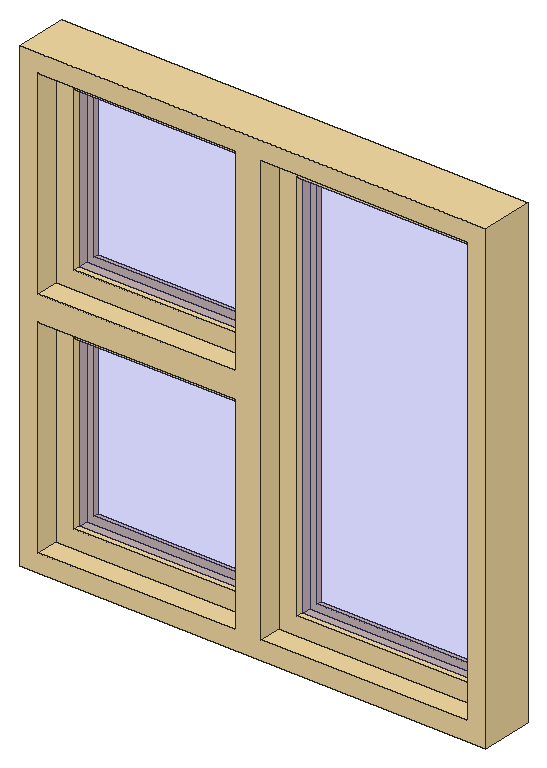
Revit family "4403-COto 62", category Windows, host Wall, Revit 2016
Family settings
  Host = Wall
  OmniClass Number = 23.30.20.00
  OmniClass Title = Windows
  Always vertical = Yes
  Cut with Voids When Loaded = No
  Shared = No
  Room Calculation Point = No
Parameters (values of type "1188x1188mm")
  top 3 [instance] = yes
  top 2 [instance] = yes
  top 1 [instance] = no
  right 2 [instance] = no
  right 1 [instance] = no
  right 3 [instance] = no
  left 3 [instance] = no
  left 2 [instance] = no
  left 1 [instance] = yes
  Sash 3 [instance] = or(top 3, right 3, left 3)  # yes
  Sash 2 [instance] = or(top 2, right 2, left 2)  # yes
  Sash 1 [instance] = or(top 1, right 1, left 1)  # yes
  Rough Width = Width + 2 * Joint  # 1212 mm
  Rough Height = Height + 2 * Joint  # 1212 mm
  Offset from wall = 40 mm
  Mullion 1 Placement = 594 mm
  Mullion 2 Placement = 594 mm
  Manufacturer = "www.kronevinduer.dk"
  Joint = 12 mm
  Height = 1188 mm
  Frame 176mm [instance] = no
  Frame 157mm [instance] = no
  Default Sill Height = 800 mm
  Wall Closure = By host
  Width = 1188 mm
Reference planes
  plane 1 "Center (Front/Back)": y = 0
  plane 2 "Center (Left/Right)": x = 0
  plane 3 "Left": x = -594
  plane 4 "Right": x = 594
  plane 5 "Sill": z = 800
  plane 6 "Head": z = 1988
  plane 7 "Exterior": y = 100
  plane 8 "Interior": y = -100
  plane 9: y = 60
  plane 10: x = 582
  plane 11: x = -582
  plane 12: z = 812
  plane 13: z = 1976
  plane 14: x = -12
  plane 15: z = 1406
  plane 16: x = 285
  plane 17: x = -297
  plane 18: z = 1109
  plane 19: z = 1394
  plane 20: z = 1691
Forms (mm)
  Sweep 1, solid, material "Wood frame"
    path origin (0, 100, 0) x (1, 0, 0) y (0, 0, 1)
      loop
        line (582, 812) -> (582, 1976) -> (-582, 1976) -> (-582, 812) -> (582, 812)
    profile "COto 62 træ-alu,karm- fast glas 45mm : COto 62 træ-alu,karm- fast glas 45mm" origin (0, 100, 812) x (0, 0, -1) y (0, -1, 0)
      loop
        line (0, 170) -> (-45, 170) -> (-45, 99) -> (-27, 99) -> (-27, 51) -> (-45, 51) -> (-45, 40) -> (0, 40) -> (0, 170)
  Sweep 2, solid, material "Wood frame"
    path origin (0, 100, 0) x (1, 0, 0) y (0, 0, 1)
      loop
        line (-12, 812) -> (-12, 1976)
    profile "COto 62 træ-alu, Post-fast glas 63 mm : COto 62 træ-alu, Post-fast glas 63 mm" origin (-12, 100, 1394) x (-1, 0, 0) y (0, -1, 0)
      loop
        line (31.5, 170) -> (-31.5, 170) -> (-31.5, 99) -> (-13.5, 99) -> (-13.5, 51) -> (-31.5, 51) -> (-31.5, 40) -> (31.5, 40) -> (31.5, 51) -> (13.5, 51) -> (13.5, 99) -> (31.5, 99) -> (31.5, 170)
  Extrusion 3, solid, material "Glass"
    sketch origin (594, 0, 0) x (0, -1, 0) y (0, 0, 1)
      loop
        line (-1, 839) -> (-1, 1949) -> (-49, 1949) -> (-49, 839) -> (-1, 839)
    from 39 to 592.5
  Sweep 4, solid, material "Wood frame", visible <- "Sash 1"
    path origin (0, 100, 0) x (1, 0, 0) y (0, 0, 1)
      loop
        line (555, 839) -> (555, 1949) -> (1.5, 1949) -> (1.5, 839) -> (555, 839)
    profile "COto 62 træ-alu,opluk-ramme : COto 62 træ-alu,opluk-ramme" origin (278.25, 100, 839) x (0, 0, -1) y (0, -1, 0)
      loop
        line (0, 99) -> (-18, 99) -> (-18, 114) -> (-63, 114) -> (-63, 99) -> (-45, 99) -> (-45, 51) -> (-63, 51) -> (-63, 40) -> (0, 40) -> (0, 99)
  Sweep 5, solid, material "Wood frame", visible <- "Frame 157mm"
    path origin (0, 100, 0) x (1, 0, 0) y (0, 0, 1)
      loop
        line (582, 812) -> (582, 1976) -> (-582, 1976) -> (-582, 812) -> (582, 812)
    profile "COto 62 træ-alu,karm- fast glas 45mm-157 : COto 62 træ-alu,karm- fast glas 45mm-157" origin (0, 100, 812) x (0, 0, -1) y (0, -1, 0)
      loop
        line (0, 197) -> (-45, 197) -> (-45, 99) -> (-27, 99) -> (-27, 51) -> (-45, 51) -> (-45, 40) -> (0, 40) -> (0, 197)
  Sweep 6, solid, material "Wood frame", visible <- "Frame 157mm"
    path origin (0, 100, 0) x (1, 0, 0) y (0, 0, 1)
      loop
        line (-12, 1976) -> (-12, 812)
    profile "COto 62 træ-alu, Post-fast glas 63 mm-157 : COto 62 træ-alu, Post-fast glas 63 mm-157" origin (-12, 100, 1394) x (1, 0, 0) y (0, -1, 0)
      loop
        line (31.5, 197) -> (-31.5, 197) -> (-31.5, 99) -> (-13.5, 99) -> (-13.5, 51) -> (-31.5, 51) -> (-31.5, 40) -> (31.5, 40) -> (31.5, 51) -> (13.5, 51) -> (13.5, 99) -> (31.5, 99) -> (31.5, 197)
  Sweep 7, solid, material "Wood frame", visible <- "Frame 176mm"
    path origin (0, 100, 0) x (1, 0, 0) y (0, 0, 1)
      loop
        line (582, 812) -> (582, 1976) -> (-582, 1976) -> (-582, 812) -> (582, 812)
    profile "COto 62 træ-alu,karm- fast glas 45mm-176 : COto 62 træ-alu,karm- fast glas 45mm-176" origin (0, 100, 812) x (0, 0, -1) y (0, -1, 0)
      loop
        line (0, 216) -> (-45, 216) -> (-45, 99) -> (-27, 99) -> (-27, 51) -> (-45, 51) -> (-45, 40) -> (0, 40) -> (0, 216)
  Sweep 8, solid, material "Wood frame", visible <- "Frame 176mm"
    path origin (0, 100, 0) x (1, 0, 0) y (0, 0, 1)
      loop
        line (-12, 1976) -> (-12, 812)
    profile "COto 62 træ-alu, Post-fast glas 63 mm-176 : COto 62 træ-alu, Post-fast glas 63 mm-176" origin (-12, 100, 1394) x (1, 0, 0) y (0, -1, 0)
      loop
        line (31.5, 216) -> (-31.5, 216) -> (-31.5, 99) -> (-13.5, 99) -> (-13.5, 51) -> (-31.5, 51) -> (-31.5, 40) -> (31.5, 40) -> (31.5, 51) -> (13.5, 51) -> (13.5, 99) -> (31.5, 99) -> (31.5, 216)
  Sweep 9, solid, material "Wood frame"
    path origin (0, 100, 0) x (1, 0, 0) y (0, 0, 1)
      loop
        line (-12, 1406) -> (-582, 1406)
    profile "COto 62 træ-alu, Post-fast glas 63 mm : COto 62 træ-alu, Post-fast glas 63 mm" origin (-297, 100, 1406) x (0, 0, -1) y (0, -1, 0)
      loop
        line (31.5, 170) -> (-31.5, 170) -> (-31.5, 99) -> (-13.5, 99) -> (-13.5, 51) -> (-31.5, 51) -> (-31.5, 40) -> (31.5, 40) -> (31.5, 51) -> (13.5, 51) -> (13.5, 99) -> (31.5, 99) -> (31.5, 170)
  Extrusion 10, solid, material "Glass"
    sketch origin (594, 0, 0) x (0, -1, 0) y (0, 0, 1)
      loop
        line (-1, 839) -> (-1, 1949) -> (-49, 1949) -> (-49, 839) -> (-1, 839)
    from 619.5 to 1149
  Sweep 11, solid, material "Wood frame", visible <- "Frame 157mm"
    path origin (0, 100, 0) x (1, 0, 0) y (0, 0, 1)
      loop
        line (-12, 1406) -> (-582, 1406)
    profile "COto 62 træ-alu, Post-fast glas 63 mm-157 : COto 62 træ-alu, Post-fast glas 63 mm-157" origin (-297, 100, 1406) x (0, 0, -1) y (0, -1, 0)
      loop
        line (31.5, 197) -> (-31.5, 197) -> (-31.5, 99) -> (-13.5, 99) -> (-13.5, 51) -> (-31.5, 51) -> (-31.5, 40) -> (31.5, 40) -> (31.5, 51) -> (13.5, 51) -> (13.5, 99) -> (31.5, 99) -> (31.5, 197)
  Sweep 12, solid, material "Wood frame", visible <- "Frame 176mm"
    path origin (0, 100, 0) x (1, 0, 0) y (0, 0, 1)
      loop
        line (-12, 1406) -> (-582, 1406)
    profile "COto 62 træ-alu, Post-fast glas 63 mm-176 : COto 62 træ-alu, Post-fast glas 63 mm-176" origin (-297, 100, 1406) x (0, 0, -1) y (0, -1, 0)
      loop
        line (31.5, 216) -> (-31.5, 216) -> (-31.5, 99) -> (-13.5, 99) -> (-13.5, 51) -> (-31.5, 51) -> (-31.5, 40) -> (31.5, 40) -> (31.5, 51) -> (13.5, 51) -> (13.5, 99) -> (31.5, 99) -> (31.5, 216)
  Sweep 13, solid, material "Wood frame", visible <- "Sash 2"
    path origin (0, 100, 0) x (1, 0, 0) y (0, 0, 1)
      loop
        line (-25.5, 839) -> (-25.5, 1392.5) -> (-555, 1392.5) -> (-555, 839) -> (-25.5, 839)
    profile "COto 62 træ-alu,opluk-ramme : COto 62 træ-alu,opluk-ramme" origin (-290.25, 100, 839) x (0, 0, -1) y (0, -1, 0)
      loop
        line (0, 99) -> (-18, 99) -> (-18, 114) -> (-63, 114) -> (-63, 99) -> (-45, 99) -> (-45, 51) -> (-63, 51) -> (-63, 40) -> (0, 40) -> (0, 99)
  Sweep 14, solid, material "Wood frame", visible <- "Sash 3"
    path origin (0, 100, 0) x (1, 0, 0) y (0, 0, 1)
      loop
        line (-25.5, 1419.5) -> (-25.5, 1949) -> (-555, 1949) -> (-555, 1419.5) -> (-25.5, 1419.5)
    profile "COto 62 træ-alu,opluk-ramme : COto 62 træ-alu,opluk-ramme" origin (-290.25, 100, 1419.5) x (0, 0, -1) y (0, -1, 0)
      loop
        line (0, 99) -> (-18, 99) -> (-18, 114) -> (-63, 114) -> (-63, 99) -> (-45, 99) -> (-45, 51) -> (-63, 51) -> (-63, 40) -> (0, 40) -> (0, 99)
Cuts and joins
  joined: Sweep 1, Sweep 2, Sweep 9
  joined: Sweep 5, Sweep 6, Sweep 11
  joined: Sweep 7, Sweep 8, Sweep 12
Lines and regions (mm)
  Opening 1
    outline origin (3500, -100, 0) x (1, 0, 0) y (0, 0, 1)
      loop
        line (-2906, 800) -> (-2906, 1988) -> (-4094, 1988) -> (-4094, 800) -> (-2906, 800)
  symbolic lines, visible <- "top 1"
    curve 1: line (555, 100, 1949) -> (285, 100, 839)
    curve 2: line (285, 100, 839) -> (1.5, 100, 1949)
  symbolic lines, visible <- "left 1"
    curve 3: line (555, 100, 1949) -> (1.5, 100, 1394)
    curve 4: line (1.5, 100, 1394) -> (555, 100, 839)
  symbolic lines, visible <- "right 1"
    curve 5: line (1.5, 100, 1949) -> (555, 100, 1394)
    curve 6: line (555, 100, 1394) -> (1.5, 100, 839)
  symbolic lines, visible <- "top 2"
    curve 7: line (-25.5, 100, 1392.5) -> (-297, 100, 839)
    curve 8: line (-297, 100, 839) -> (-555, 100, 1392.5)
  symbolic lines, visible <- "right 2"
    curve 9: line (-555, 100, 1392.5) -> (-25.5, 100, 1115.75)
    curve 10: line (-25.5, 100, 1115.75) -> (-555, 100, 839)
  symbolic lines, visible <- "left 2"
    curve 11: line (-25.5, 100, 1392.5) -> (-555, 100, 1109)
    curve 12: line (-555, 100, 1109) -> (-25.5, 100, 839)
  symbolic lines, visible <- "top 3"
    curve 13: line (-25.5, 100, 1949) -> (-297, 100, 1419.5)
    curve 14: line (-297, 100, 1419.5) -> (-555, 100, 1949)
  symbolic lines, visible <- "left 3"
    curve 15: line (-25.5, 100, 1949) -> (-555, 100, 1691)
    curve 16: line (-555, 100, 1691) -> (-25.5, 100, 1419.5)
  symbolic lines, visible <- "right 3"
    curve 17: line (-555, 100, 1949) -> (-25.5, 100, 1691)
    curve 18: line (-25.5, 100, 1691) -> (-555, 100, 1419.5)
Text (mm)
  text "EXTERIOR" at (-1963.203, 1332.353, 0), in view "Ref. Level"
  text "INTERIOR" at (-1981.466, -818.386, 0), in view "Ref. Level"
  text "Exterior" at (0, 923.751, 2943.296), in view "Right"
  text "Exterior" at (0, 1040.484, 2685.409), in view "Left"
Dimensions and locks
  equal spacing: plane 3 "Left", plane 2 "Center (Left/Right)", plane 4 "Right"
  "Width": plane 3 "Left" to plane 4 "Right"
  "Height": plane 5 "Sill" to plane 6 "Head"
  "Default Sill Height": plane 5 "Sill" to level
  locked: plane 7 "Exterior" to host wall at 0
  locked: plane 8 "Interior" to host wall
  "Joint": plane 13 to plane 6 "Head"
  "Joint": plane 5 "Sill" to plane 12
  "Joint": plane 3 "Left" to plane 11
  "Joint": plane 10 to plane 4 "Right"
  "Offset from wall": plane 9 to plane 7 "Exterior"
  "Mullion 1 Placement": plane 14 to plane 10
  "Mullion 2 Placement": plane 12 to plane 15
  equal spacing: plane 14, plane 16, plane 10
  equal spacing: plane 12, plane 18, plane 15
  equal spacing: plane 11, plane 17, plane 14
  equal spacing: plane 12, plane 19, plane 13
  equal spacing: plane 15, plane 20, plane 13
  aligned and locked: plane 12 to Sweep 1 sketch curve
  aligned and locked: plane 10 to Sweep 1 sketch curve
  aligned and locked: Sweep 1 sketch curve to plane 13
  aligned and locked: Sweep 1 sketch curve to plane 11
  aligned and locked: Extrusion 3 sketch curve to cut or joined group of Sweep 1, Sweep 2, Sweep 9  (x2)
  aligned and locked: Extrusion 3 to cut or joined group of Sweep 1, Sweep 2, Sweep 9  (x4)
  aligned and locked: Sweep 4 sketch curve to cut or joined group of Sweep 1, Sweep 2, Sweep 9  (x2)
  aligned and locked: cut or joined group of Sweep 1, Sweep 2, Sweep 9 to Sweep 4 sketch curve  (x2)
  aligned and locked: Sweep 5 sketch curve to cut or joined group of Sweep 1, Sweep 2, Sweep 9  (x4)
  aligned and locked: Sweep 7 sketch curve to cut or joined group of Sweep 1, Sweep 2, Sweep 9  (x4)
  aligned and locked: Extrusion 10 sketch curve to cut or joined group of Sweep 1, Sweep 2, Sweep 9  (x2)
  aligned and locked: Extrusion 10 to cut or joined group of Sweep 1, Sweep 2, Sweep 9  (x4)
  aligned and locked: cut or joined group of Sweep 1, Sweep 2, Sweep 9 to Sweep 13 sketch curve  (x2)
  aligned and locked: Sweep 13 sketch curve to cut or joined group of Sweep 1, Sweep 2, Sweep 9  (x2)
  aligned and locked: Sweep 14 sketch curve to cut or joined group of Sweep 1, Sweep 2, Sweep 9  (x3)
  aligned and locked: cut or joined group of Sweep 1, Sweep 2, Sweep 9 to Sweep 14 sketch curve
Automatic sketch dimensions
  Opening 1 sketch curve to plane 3 "Left" = 0 mm
  Opening 1 sketch curve to plane 4 "Right" = 0 mm
  Opening 1 sketch curve to plane 5 "Sill" = 0 mm
  Opening 1 sketch curve to plane 6 "Head" = 0 mm
  Sweep 2 sketch curve to plane 13 = 0 mm
  plane 14 to Sweep 2 sketch curve = 0 mm
  Sweep 2 sketch curve to plane 12 = 0 mm
  Extrusion 3 sketch curve to plane 5 "Sill" = 39 mm
  plane 6 "Head" to Extrusion 3 sketch curve = 39 mm
  Sweep 6 sketch curve to plane 12 = 0 mm
  plane 14 to Sweep 6 sketch curve = 0 mm
  Sweep 6 sketch curve to plane 13 = 0 mm
  Sweep 8 sketch curve to plane 12 = 0 mm
  plane 14 to Sweep 8 sketch curve = 0 mm
  Sweep 8 sketch curve to plane 13 = 0 mm
  plane 11 to Sweep 9 sketch curve = 0 mm
  plane 14 to Sweep 9 sketch curve = 0 mm
  Sweep 9 sketch curve to plane 15 = 0 mm
  Extrusion 10 sketch curve to plane 5 "Sill" = 39 mm
  plane 6 "Head" to Extrusion 10 sketch curve = 39 mm
  plane 11 to Sweep 11 sketch curve = 0 mm
  plane 14 to Sweep 11 sketch curve = 0 mm
  Sweep 11 sketch curve to plane 15 = 0 mm
  plane 11 to Sweep 12 sketch curve = 0 mm
  plane 14 to Sweep 12 sketch curve = 0 mm
  Sweep 12 sketch curve to plane 15 = 0 mm
  curve 11 to plane 18 = 0 mm
  curve 16 to plane 20 = 0 mm
  plane 17 to curve 14 = 0 mm
  plane 17 to curve 8 = 0 mm
  curve 18 to plane 20 = 0 mm
  curve 3 to plane 19 = 0 mm
  plane 16 to curve 2 = 0 mm
  curve 6 to plane 19 = 0 mm
  curve 12 to plane 11 = 27 mm
  curve 14 to plane 11 = 27 mm
  curve 8 to plane 11 = 27 mm
  curve 15 to plane 11 = 27 mm
  plane 14 to curve 7 = 13.5 mm
  plane 14 to curve 15 = 13.5 mm
  plane 14 to curve 9 = 13.5 mm
  curve 2 to plane 14 = 13.5 mm
  curve 3 to plane 14 = 13.5 mm
  plane 10 to curve 6 = 27 mm
  plane 10 to curve 3 = 27 mm
  plane 12 to curve 7 = 27 mm
  plane 12 to curve 2 = 27 mm
  curve 10 to plane 18 = 6.75 mm
  curve 11 to plane 15 = 13.5 mm
  curve 9 to plane 15 = 13.5 mm
  plane 15 to curve 14 = 13.5 mm
  curve 3 to plane 13 = 27 mm
  curve 13 to plane 13 = 27 mm
  curve 2 to curve 13 = 0 mm
  curve 17 to plane 13 = 27 mm
  curve 10 to plane 11 = 27 mm
  curve 18 to curve 8 = 0 mm
  plane 14 to curve 16 = 13.5 mm
  plane 14 to curve 17 = 13.5 mm
  plane 14 to curve 12 = 13.5 mm
  curve 6 to plane 14 = 13.5 mm
  plane 10 to curve 4 = 27 mm
  plane 12 to curve 6 = 27 mm
  curve 12 to curve 6 = 0 mm
  plane 12 to curve 4 = 27 mm
  plane 12 to curve 10 = 27 mm
  plane 15 to curve 16 = 13.5 mm
  plane 15 to curve 18 = 13.5 mm
